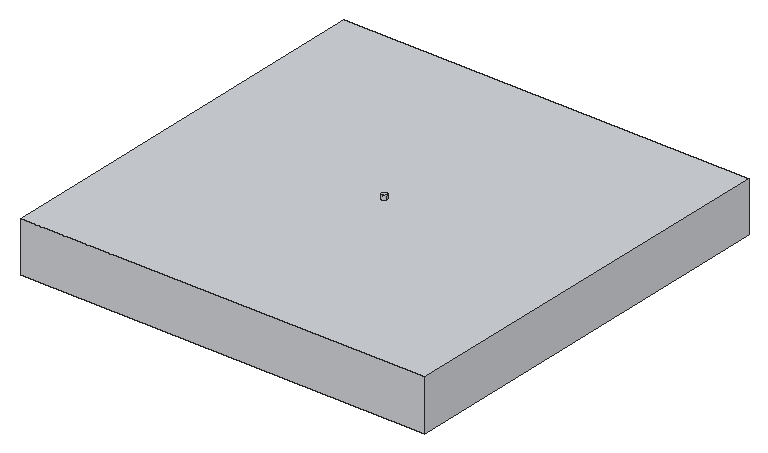
Revit family "M_Conector de tubulação - Água quente doméstica - Peças hidrossanitárias", category Peças hidrossanitárias, Revit 2019
Family settings
  Hospedeiro = Face
  Cota do conector redondo = Usar raio
  Tipo de parte = Normal
  Número OmniClass = 23.45.00.00
  Título OmniClass = Sanitary, Laundry, and Cleaning Equipment
  ID de item do Seek = Pipe Connector - Domestic Hot Water - Plumbing Fixtures-0000-CAN-ENU
  Corte com vazios quando carregada = Não
  Compartilhado = Não
  Ponto de cálculo do ambiente = Não
Parameters (values of type "Padrão")
  Raio nominal [instance] = 15 mm
  Diâmetro nominal [instance] = Raio nominal * 2  # 30 mm
  Espessura [instance] = 25.4 mm
  HWFU = 2
  Default Elevation = 0 mm
  CWFU = 0
Reference planes
  plane 1 "Centro (Frente/Trás)": y = 0
  plane 2: z = 0
  plane 3 "Centro (Esquerda/Direita)": x = 0
  plane 4: z = 25.4
Forms (mm)
  Extrusion 1, solid
    sketch origin (0, 0, 0) x (1, 0, 0) y (0, 1, 0)
      loop
        line (-1219.2, 1219.2) -> (-1219.2, -1219.2) -> (1219.2, -1219.2) -> (1219.2, 1219.2) -> (-1219.2, 1219.2)
    from 0 to -304.8
  Extrusion 2, solid
    sketch origin (0, 0, 0) x (1, 0, 0) y (0, 1, 0)
      loop
        circle (0, 0) r 15
    from 0 to 25.4
Dimensions and locks
  "Espessura": plane 4 to plane 2
  "Raio nominal": radius of Extrusion 2 sketch curve
  aligned and locked: plane 2 to Extrusion 1
  aligned and locked: level to Extrusion 1
  aligned and locked: plane 1 "Centro (Frente/Trás)" to Extrusion 2 sketch curve
  aligned and locked: plane 4 to Extrusion 2
Automatic sketch dimensions
  Extrusion 1 sketch curve to Extrusion 1 sketch curve = 2438.4 mm  (x2)
  Extrusion 2 sketch curve to plane 3 "Centro (Esquerda/Direita)" = 0 mm
Connectors
  piping at (0, 0, 25.4), diameter 30, driven by "Raio nominal", driven by "HWFU"
    settings: on Extrusion 2, index 1, connector inside diameter 30 mm, connector length 0 mm, flow factor 0, pipe flow 0.0 L/s, pressure drop 0.0 Pa, fitting loss kfactor 0, connector angle 0.00°, fixture units 2, engagement length 0 mm, angle of deflection 0.00°, flow configuration 3, flow direction 1, fitting loss method 0, system type 19, joint type 0, gender type 0, connector reference index -1, connector utility 0, adjustable connector no, is connector primary yes, connector description ""
